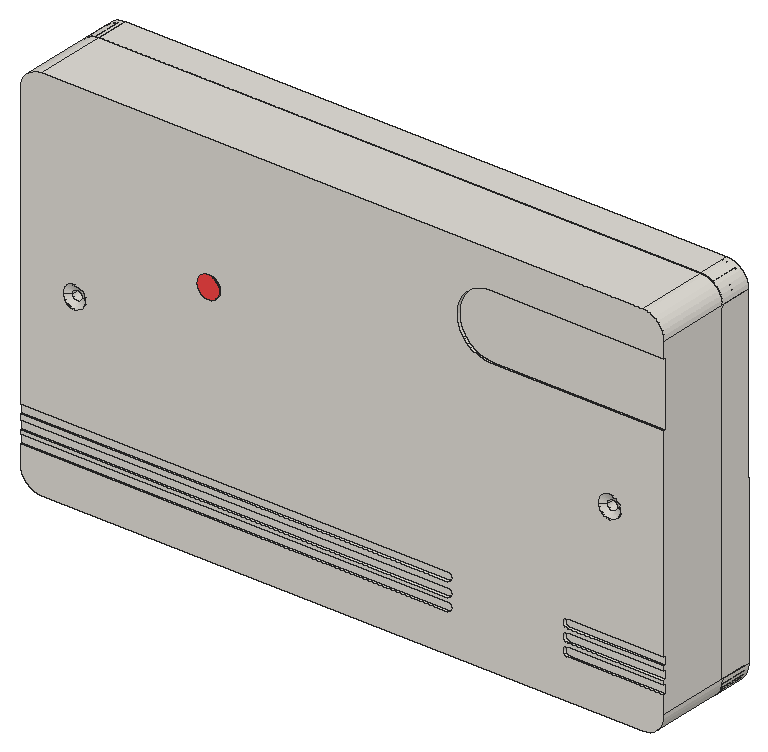
Revit family "TYCO-FPP-Zettler-SNM800 sounder notification module", category Electrical Fixtures, Revit 2014
Parameters (values of type "TYCO-FPP-Zettler-SNM800 sounder notification module")
  rs2 = RS(2)
  Wire Size (maximum) = "2.5sq. mm"
  Width = 84 mm  # constant formula
  URL = "https://www.tycosafetyproducts-anz.com/public/Datasheet/SNM800dat1506.pdf"
  Type Comments = "The SNM800 can be\r\nconfigured with a RIM800 to provide a secure monitored\r\nextinguishing release solenoid control."
  Storage Temperature = "–40°C to +80°C"
  ST = STT
  Relative Humidity = "10% to 95%"
  Rear Cover = yes
  RS1 = RS(11)
  RS = RS
  Quiescent Current = "450μA"
  PCB = PCB
  Output Current EOL = "27k Ohm 0.5W"
  Output Current = "2A"
  Operated Current = "3mA"
  Model = "Zettler-577.800.005"
  Max. SNM800 per Loop = "200/250"
  Manufacturer = "Tyco"
  Loop Voltage = "20V to 40Vdc"
  Length = 61 mm  # constant formula
  Keynote = "Addressable switched output with supervised\r\noutput wiring"
  Front Cover = yes
  External Supply = "18 to 28.7Vdc"
  Description = "The SNM800 is a remote addressable sounder circuit\r\noutput device capable of switching sounder and speaker\r\ncircuits up to 2A @ 24V d.c."
  Ambient Temperature = "–25°C to +70°C"
Reference planes
  plane 1 "Center (Front/Back)": y = 0
  plane 2: z = 0
  plane 3 "Center (Left/Right)": x = 0
  plane 4: x = -42
  plane 5: x = 42
  plane 6: z = 30.5
  plane 7: z = -30.5
Forms (mm)
  Extrusion 1, solid, material "PCB" <- "PCB", detail levels fine
    sketch origin (0, 0, 0) x (1, 0, 0) y (0, 0, 1)
      loop
        line (-42, 30.5) -> (-42, -30.5) -> (42, -30.5) -> (42, 30.5) -> (-42, 30.5)
      loop
        circle (-27.105, 14.071) r 2.5
      loop
        circle (-27.105, -14.071) r 2.5
      loop
        circle (27.105, 14.071) r 2.5
      loop
        circle (27.105, -14.071) r 2.5
      loop
        circle (39.176, 27.122) r 0.95
      loop
        circle (39.176, -27.122) r 0.95
      loop
        circle (-39.176, 27.122) r 0.95
      loop
        circle (-39.176, -27.122) r 0.95
    from 0 to -0.343
  Extrusion 2, solid, material "STT" <- "ST", detail levels fine
    sketch origin (-42, 47.974, 1219.2) x (0, 1, 0) y (0, 0, 1)
      loop
        line (-47.974, -1188.7) -> (-50.068, -1188.7) -> (-52.908, -1191.169) -> (-52.908, -1196.54) -> (-50.749, -1198.7) -> (-47.974, -1198.7) -> (-47.974, -1188.7)
    from 12.585 to 72.382
  Extrusion 3, solid, material "STT(1)", detail levels fine
    sketch origin (-42, -2.094, 30.5) x (0, 1, 0) y (-1, 0, 0)
      loop
        line (-0.226, -71.093) -> (-0.226, -68.378) -> (-2.371, -68.378) -> (-2.371, -71.093) -> (-0.226, -71.093)
      loop
        line (-0.226, -67.325) -> (-0.226, -64.61) -> (-2.371, -64.61) -> (-2.371, -67.325) -> (-0.226, -67.325)
      loop
        line (-0.226, -63.947) -> (-0.226, -61.231) -> (-2.371, -61.231) -> (-2.371, -63.947) -> (-0.226, -63.947)
      loop
        line (-0.226, -60.179) -> (-0.226, -57.463) -> (-2.371, -57.463) -> (-2.371, -60.179) -> (-0.226, -60.179)
      loop
        line (-0.226, -56.411) -> (-0.226, -53.696) -> (-2.371, -53.696) -> (-2.371, -56.411) -> (-0.226, -56.411)
      loop
        line (-0.226, -53.032) -> (-0.226, -50.317) -> (-2.371, -50.317) -> (-2.371, -53.032) -> (-0.226, -53.032)
      loop
        line (-0.226, -49.577) -> (-0.226, -46.861) -> (-2.371, -46.861) -> (-2.371, -49.577) -> (-0.226, -49.577)
      loop
        line (-0.226, -46.121) -> (-0.226, -43.406) -> (-2.371, -43.406) -> (-2.371, -46.121) -> (-0.226, -46.121)
      loop
        line (-0.226, -12.907) -> (-2.371, -12.907) -> (-2.371, -15.622) -> (-0.226, -15.622) -> (-0.226, -12.907)
      loop
        line (-0.226, -16.675) -> (-2.371, -16.675) -> (-2.371, -19.39) -> (-0.226, -19.39) -> (-0.226, -16.675)
      loop
        line (-0.226, -20.053) -> (-2.371, -20.053) -> (-2.371, -22.769) -> (-0.226, -22.769) -> (-0.226, -20.053)
      loop
        line (-0.226, -23.821) -> (-2.371, -23.821) -> (-2.371, -26.537) -> (-0.226, -26.537) -> (-0.226, -23.821)
      loop
        line (-0.226, -27.589) -> (-2.371, -27.589) -> (-2.371, -30.304) -> (-0.226, -30.304) -> (-0.226, -27.589)
      loop
        line (-0.226, -30.968) -> (-2.371, -30.968) -> (-2.371, -33.683) -> (-0.226, -33.683) -> (-0.226, -30.968)
      loop
        line (-0.226, -34.423) -> (-2.371, -34.423) -> (-2.371, -37.139) -> (-0.226, -37.139) -> (-0.226, -34.423)
      loop
        line (-0.226, -37.879) -> (-2.371, -37.879) -> (-2.371, -40.594) -> (-0.226, -40.594) -> (-0.226, -37.879)
    from -2.469 to -0.432
  Extrusion 4, solid, material "STT(1)", detail levels fine
    sketch origin (-42, -2.775, 20.5) x (0, -0.707107, 0.707107) y (-1, 0, 0)
      loop
        circle (1.544, -14.099) r 1.217
      loop
        circle (1.544, -17.954) r 1.217
      loop
        circle (1.544, -21.387) r 1.217
      loop
        circle (1.544, -25.19) r 1.217
      loop
        circle (1.544, -28.623) r 1.217
      loop
        circle (1.544, -32.462) r 1.217
      loop
        circle (1.544, -35.895) r 1.217
      loop
        circle (1.544, -39.237) r 1.217
      loop
        circle (1.544, -69.901) r 1.217
      loop
        circle (1.544, -66.046) r 1.217
      loop
        circle (1.544, -62.613) r 1.217
      loop
        circle (1.544, -58.81) r 1.217
      loop
        circle (1.544, -55.377) r 1.217
      loop
        circle (1.544, -51.538) r 1.217
      loop
        circle (1.544, -48.105) r 1.217
      loop
        circle (1.544, -44.763) r 1.217
    from -0.313 to 0.216
  Extrusion 5, solid, material "RS" <- "RS", detail levels fine
    sketch origin (0, 0, 0) x (1, 0, 0) y (0, 0, 1)
      loop
        line (-3.73, 19.435) -> (-3.73, 4.435) -> (4.59, 4.435) -> (4.59, 19.435) -> (-3.73, 19.435)
    from 0 to 2.32
  Extrusion 6, solid, material "RS(11)" <- "RS1", detail levels fine
    sketch origin (0, 0, 0) x (1, 0, 0) y (0, 0, 1)
      loop
        circle (-7.319, 16.747) r 2
      loop
        circle (7.319, 16.747) r 2
    from 0 to 4.934
  Extrusion 7, solid, material "STT" <- "ST", detail levels fine
    sketch origin (0, 0, 0) x (1, 0, 0) y (0, 0, 1)
      loop
        circle (4.688, 1.375) r 1.277
      loop
        circle (8.99, 10.617) r 1.277
    from 0 to 3.616
  Extrusion 8, solid, material "RS(2)" <- "rs2", detail levels fine
    sketch origin (0, 0, 0) x (1, 0, 0) y (0, 0, 1)
      loop
        circle (0, -25.087) r 1.8
    from 0 to 3.616
Cuts and joins
  joined: Extrusion 3, Extrusion 4
  joined: Extrusion 2, Extrusion 7
Lines and regions (mm)
  model lines, detail levels fine
    curve 1: line (-29.548, 0, -23.185) -> (-4.548, 0, -23.185)
    curve 2: line (-4.548, 0, -23.185) -> (-2.634, 0, -19.869)
    curve 3: line (-2.634, 0, -19.869) -> (21.198, 0, -19.869)
    curve 4: line (-29.548, 0, -22.585) -> (-4.548, 0, -22.585)
    curve 5: line (-4.548, 0, -22.585) -> (-2.98, 0, -19.269)
    curve 6: line (-2.98, 0, -19.269) -> (21.198, 0, -19.269)
    curve 7: line (-22.436, 0, -17.966) -> (-7.436, 0, -17.966)
    curve 8: line (-22.436, 0, -18.566) -> (-7.436, 0, -18.566)
    curve 9: line (-29.548, 0, -8.987) -> (-22.874, 0, -8.987)
    curve 10: line (-22.874, 0, -8.987) -> (-19.338, 0, -12.522)
    curve 11: line (-19.338, 0, -12.522) -> (-4.548, 0, -12.522)
    curve 12: line (-0.672, 0, -12.522) -> (10.96, 0, -12.522)
    curve 13: line (10.96, 0, -12.522) -> (13.521, 0, -8.687)
    curve 14: line (13.521, 0, -8.687) -> (22.327, 0, -8.687)
    curve 15: line (-29.548, 0, -8.387) -> (-22.874, 0, -8.387)
    curve 16: line (-22.874, 0, -8.387) -> (-18.914, 0, -12.098)
    curve 17: line (-18.914, 0, -12.098) -> (-4.548, 0, -12.098)
    curve 18: line (-0.672, 0, -13.122) -> (11.279, 0, -13.122)
    curve 19: line (11.279, 0, -13.122) -> (13.84, 0, -9.287)
    curve 20: line (13.84, 0, -9.287) -> (22.327, 0, -9.287)
    curve 21: line (7.704, 0, -4.059) -> (32.704, 0, -4.059)
    curve 22: line (32.704, 0, -4.059) -> (32.704, 0, -9.287)
    curve 23: line (7.704, 0, -3.459) -> (33.304, 0, -3.459)
    curve 24: line (32.704, 0, -4.059) -> (32.704, 0, -9.287)
    curve 25: line (33.304, 0, -3.459) -> (33.304, 0, -9.287)
    curve 26: line (-33.643, 0, -5.958) -> (-7.424, 0, -5.958)
    curve 27: line (-33.643, 0, -5.36) -> (-7.443, 0, -5.36)
    curve 28: line (-34.865, 0, 2.852) -> (-26.681, 0, 2.852)
    curve 29: line (-26.681, 0, 2.852) -> (-24.813, 0, 4.72)
    curve 30: line (-24.813, 0, 4.72) -> (-7.436, 0, 4.72)
    curve 31: line (-34.865, 0, 3.452) -> (-26.681, 0, 3.452)
    curve 32: line (-26.681, 0, 3.452) -> (-25.237, 0, 5.144)
    curve 33: line (-25.237, 0, 5.144) -> (-7.436, 0, 5.144)
    curve 34: line (12.23, 0, -1.636) -> (34.307, 0, -1.636)
    curve 35: line (34.307, 0, -1.636) -> (35.943, 0, 0)
    curve 36: line (12.23, 0, -1.036) -> (34.307, 0, -1.036)
    curve 37: line (34.307, 0, -1.036) -> (35.519, 0, 0.424)
    curve 38: line (-34.865, 0, 3.452) -> (-36.083, 0, 3.452)
    curve 39: line (-34.865, 0, 2.599) -> (-34.865, 0, 3.452)
    curve 40: line (-36.083, 0, 2.599) -> (-34.865, 0, 2.599)
    curve 41: line (-36.083, 0, 3.452) -> (-36.083, 0, 2.599)
    curve 42: line (-7.436, 0, 4.72) -> (-6.046, 0, 4.72)
    curve 43: line (-7.436, 0, 5.684) -> (-7.436, 0, 4.72)
    curve 44: line (-6.046, 0, 5.684) -> (-7.436, 0, 5.684)
    curve 45: line (-6.046, 0, 4.72) -> (-6.046, 0, 5.684)
    curve 46: line (-33.643, 0, -5.958) -> (-34.865, 0, -5.958)
    curve 47: line (-33.643, 0, -4.749) -> (-33.643, 0, -5.958)
    curve 48: line (-34.865, 0, -4.749) -> (-33.643, 0, -4.749)
    curve 49: line (-34.865, 0, -5.958) -> (-34.865, 0, -4.749)
    curve 50: circle (-6.635, 0, -5.633) r 0.853 normal (0, -1, 0)
    curve 51: line (-29.548, 0, -8.987) -> (-30.698, 0, -8.987)
    curve 52: line (-29.548, 0, -7.783) -> (-29.548, 0, -8.987)
    curve 53: line (-30.698, 0, -7.783) -> (-29.548, 0, -7.783)
    curve 54: line (-30.698, 0, -8.987) -> (-30.698, 0, -7.783)
    curve 55: line (-4.548, 0, -12.522) -> (-2.809, 0, -12.522)
    curve 56: line (-4.548, 0, -11.455) -> (-4.548, 0, -12.522)
    curve 57: line (-2.809, 0, -11.455) -> (-4.548, 0, -11.455)
    curve 58: line (-2.809, 0, -12.522) -> (-2.809, 0, -11.455)
    curve 59: line (-7.436, 0, -18.264) -> (-5.761, 0, -18.264)
    curve 60: line (-7.436, 0, -19.269) -> (-7.436, 0, -18.264)
    curve 61: line (-5.761, 0, -19.269) -> (-7.436, 0, -19.269)
    curve 62: line (-5.761, 0, -18.264) -> (-5.761, 0, -19.269)
    curve 63: line (35.943, 0, 0) -> (37.255, 0, 0)
    curve 64: line (35.943, 0, 1.312) -> (35.943, 0, 0)
    curve 65: line (37.255, 0, 1.312) -> (35.943, 0, 1.312)
    curve 66: line (37.255, 0, 0) -> (37.255, 0, 1.312)
    curve 67: line (32.704, 0, -9.287) -> (34.01, 0, -9.287)
    curve 68: line (32.704, 0, -11.455) -> (32.704, 0, -9.287)
    curve 69: line (34.01, 0, -11.455) -> (32.704, 0, -11.455)
    curve 70: line (34.01, 0, -9.287) -> (34.01, 0, -11.455)
    curve 71: line (22.327, 0, -9.287) -> (24.079, 0, -9.287)
    curve 72: line (22.327, 0, -8.044) -> (22.327, 0, -9.287)
    curve 73: line (24.079, 0, -8.044) -> (22.327, 0, -8.044)
    curve 74: line (24.079, 0, -9.287) -> (24.079, 0, -8.044)
    curve 75: line (7.704, 0, -4.059) -> (5.645, 0, -4.059)
    curve 76: line (7.704, 0, -2.79) -> (7.704, 0, -4.059)
    curve 77: line (5.645, 0, -2.79) -> (7.704, 0, -2.79)
    curve 78: line (5.645, 0, -4.059) -> (5.645, 0, -2.79)
    curve 79: line (12.23, 0, -1.636) -> (11.172, 0, -1.636)
    curve 80: line (12.23, 0, 0) -> (12.23, 0, -1.636)
    curve 81: line (11.172, 0, 0) -> (12.23, 0, 0)
    curve 82: line (11.172, 0, -1.636) -> (11.172, 0, 0)
    curve 83: line (-29.548, 0, -22.585) -> (-31.417, 0, -22.585)
    curve 84: line (-29.548, 0, -24.234) -> (-29.548, 0, -22.585)
    curve 85: line (-31.417, 0, -24.234) -> (-29.548, 0, -24.234)
    curve 86: line (-31.417, 0, -22.585) -> (-31.417, 0, -24.234)
    curve 87: line (21.198, 0, -19.869) -> (22.327, 0, -19.869)
    curve 88: line (21.198, 0, -18.566) -> (21.198, 0, -19.869)
    curve 89: line (22.327, 0, -18.566) -> (21.198, 0, -18.566)
    curve 90: line (22.327, 0, -19.869) -> (22.327, 0, -18.566)
    curve 91: line (-22.436, 0, -18.566) -> (-23.415, 0, -18.566)
    curve 92: line (-22.436, 0, -17.27) -> (-22.436, 0, -18.566)
    curve 93: line (-23.415, 0, -17.27) -> (-22.436, 0, -17.27)
    curve 94: line (-23.415, 0, -18.566) -> (-23.415, 0, -17.27)
  model lines, detail levels coarse+medium
    curve 95: line (-42, 0, 30.5) -> (42, 0, 30.5)
    curve 96: line (-42, 0, -30.5) -> (-42, 0, 30.5)
    curve 97: line (42, 0, -30.5) -> (-42, 0, -30.5)
    curve 98: line (42, 0, 30.5) -> (42, 0, -30.5)
Dimensions and locks
  equal spacing: plane 4, plane 3 "Center (Left/Right)", plane 5
  "Width": plane 4 to plane 5
  equal spacing: plane 6, plane 2, plane 7
  "Length": plane 6 to plane 7
  aligned and locked: level to plane 2
  aligned and locked: Extrusion 1 sketch curve to plane 6
  aligned and locked: plane 4 to Extrusion 1 sketch curve
  aligned and locked: Extrusion 1 sketch curve to plane 7
  aligned and locked: plane 5 to Extrusion 1 sketch curve
  aligned and locked: plane 1 "Center (Front/Back)" to Extrusion 1
  aligned and locked: Extrusion 5 to plane 1 "Center (Front/Back)"
  aligned and locked: Extrusion 6 to plane 1 "Center (Front/Back)"
  aligned and locked: Extrusion 7 to plane 1 "Center (Front/Back)"
  aligned and locked: Extrusion 8 to plane 1 "Center (Front/Back)"
  aligned and locked: curve 95 to plane 6
  aligned and locked: plane 5 to curve 98
  aligned and locked: curve 97 to plane 7
  aligned and locked: plane 4 to curve 96
  aligned and locked: plane 3 "Center (Left/Right)" to nested 1
  aligned and locked: nested 1 to Extrusion 1
  aligned and locked: plane 2 to nested 1
  aligned and locked: plane 3 "Center (Left/Right)" to nested 2
  aligned and locked: nested 2 to nested 1
  aligned and locked: plane 2 to nested 2
Automatic sketch dimensions
  plane 4 to Extrusion 1 sketch curve = 2.824 mm  (x2)
  plane 4 to Extrusion 1 sketch curve = 14.895 mm  (x2)
  plane 5 to Extrusion 1 sketch curve = 14.895 mm  (x2)
  plane 5 to Extrusion 1 sketch curve = 2.824 mm  (x2)
  Extrusion 1 sketch curve to plane 7 = 3.378 mm  (x2)
  Extrusion 1 sketch curve to level = 14.071 mm  (x2)
  level to Extrusion 1 sketch curve = 14.071 mm  (x2)
  Extrusion 1 sketch curve to plane 6 = 3.378 mm  (x2)
  Extrusion 2 sketch curve to plane 6 = 0 mm
  Extrusion 2 sketch curve to plane 1 "Center (Front/Back)" = 0 mm
  Extrusion 2 sketch curve to Extrusion 2 sketch curve = 2.094 mm
  Extrusion 2 sketch curve to Extrusion 2 sketch curve = 2.775 mm
  Extrusion 2 sketch curve to Extrusion 2 sketch curve = 2.16 mm  (x2)
  Extrusion 2 sketch curve to plane 6 = 7.84 mm
  Extrusion 2 sketch curve to plane 6 = 2.469 mm
  Extrusion 2 to Extrusion 3 sketch curve = 2.371 mm  (x2)
  Extrusion 3 sketch curve to Extrusion 3 sketch curve = 0 mm  (x14)
  Extrusion 2 to Extrusion 3 sketch curve = 0.226 mm  (x16)
  Extrusion 2 to Extrusion 3 sketch curve = 1.289 mm
  Extrusion 3 sketch curve to Extrusion 3 sketch curve = 2.715 mm  (x15)
  Extrusion 3 sketch curve to Extrusion 3 sketch curve = 1.052 mm  (x6)
  Extrusion 3 sketch curve to Extrusion 3 sketch curve = 0.664 mm  (x4)
  Extrusion 3 sketch curve to Extrusion 3 sketch curve = 0.74 mm  (x4)
  Extrusion 3 sketch curve to Extrusion 3 sketch curve = 2.812 mm
  Extrusion 2 to Extrusion 3 sketch curve = 0.322 mm
  Extrusion 2 to Extrusion 4 sketch curve = 1.51 mm  (x16)
  Extrusion 2 to Extrusion 4 sketch curve = 2.481 mm
  Extrusion 4 sketch curve to Extrusion 4 sketch curve = 3.856 mm
  Extrusion 4 sketch curve to Extrusion 4 sketch curve = 3.433 mm  (x6)
  Extrusion 4 sketch curve to Extrusion 4 sketch curve = 3.803 mm  (x2)
  Extrusion 4 sketch curve to Extrusion 4 sketch curve = 3.839 mm  (x2)
  Extrusion 4 sketch curve to Extrusion 4 sketch curve = 3.342 mm  (x2)
  Extrusion 4 sketch curve to Extrusion 4 sketch curve = 5.526 mm
  Extrusion 2 to Extrusion 4 sketch curve = 1.514 mm
  Extrusion 5 sketch curve to plane 3 "Center (Left/Right)" = 3.73 mm
  plane 3 "Center (Left/Right)" to Extrusion 5 sketch curve = 4.59 mm
  level to Extrusion 5 sketch curve = 4.435 mm
  Extrusion 5 sketch curve to plane 6 = 11.065 mm
  Extrusion 6 sketch curve to plane 3 "Center (Left/Right)" = 7.319 mm
  plane 3 "Center (Left/Right)" to Extrusion 6 sketch curve = 7.319 mm
  Extrusion 6 sketch curve to plane 6 = 13.753 mm  (x2)
  level to Extrusion 7 sketch curve = 1.375 mm
  plane 3 "Center (Left/Right)" to Extrusion 7 sketch curve = 4.688 mm
  level to Extrusion 7 sketch curve = 10.617 mm
  Extrusion 7 sketch curve to Extrusion 7 sketch curve = 4.302 mm
  curve 41 to Extrusion 1 = 5.917 mm
  curve 40 to curve 39 = 1.218 mm
  curve 48 to Extrusion 1 = 7.135 mm
  curve 48 to curve 48 = 1.221 mm
  curve 86 to Extrusion 1 = 10.583 mm
  curve 26 to curve 51 = 2.946 mm
  curve 53 to curve 53 = 1.149 mm
  curve 83 to curve 83 = 1.869 mm
  curve 28 to curve 28 = 8.183 mm
  curve 32 to curve 28 = 0 mm
  curve 31 to curve 32 = 1.444 mm
  curve 32 to curve 29 = 0.424 mm
  curve 4 to curve 94 = 6.133 mm
  curve 15 to curve 16 = 6.674 mm
  curve 15 to curve 10 = 0 mm
  curve 93 to curve 92 = 0.979 mm
  curve 9 to curve 10 = 3.536 mm
  curve 10 to curve 16 = 0.424 mm
  curve 16 to curve 61 = 11.478 mm
  curve 29 to curve 42 = 17.377 mm
  curve 30 to curve 50 = 0.801 mm
  curve 43 to curve 45 = 1.391 mm
  curve 60 to curve 62 = 1.675 mm
  curve 61 to curve 1 = 1.212 mm
  curve 59 to curve 56 = 1.212 mm
  curve 4 to curve 1 = 0 mm
  curve 61 to curve 6 = 2.781 mm
  curve 11 to curve 58 = 1.74 mm
  curve 5 to curve 3 = 0.346 mm
  curve 57 to curve 78 = 8.454 mm
  curve 75 to curve 76 = 2.059 mm
  curve 21 to curve 13 = 3.256 mm
  curve 76 to curve 82 = 3.468 mm
  curve 12 to curve 18 = 0.319 mm
  curve 79 to curve 79 = 1.058 mm
  curve 12 to curve 13 = 2.561 mm
  curve 13 to curve 20 = 0.319 mm
  curve 18 to curve 89 = 9.918 mm
  curve 19 to curve 20 = 8.487 mm
  curve 88 to curve 89 = 1.13 mm
  curve 20 to curve 74 = 1.752 mm
  curve 71 to curve 67 = 8.625 mm
  curve 21 to curve 25 = 0.6 mm
  curve 68 to curve 69 = 1.305 mm
  curve 23 to curve 37 = 1.003 mm
  curve 36 to curve 35 = 0 mm
  curve 36 to curve 63 = 1.636 mm
  curve 35 to curve 66 = 1.312 mm
  curve 85 to Extrusion 1 = 6.266 mm
  curve 2 to Extrusion 1 = 7.315 mm
  curve 1 to curve 5 = 0.6 mm
  curve 4 to curve 2 = 2.716 mm
  curve 2 to curve 62 = 0.6 mm
  curve 2 to curve 6 = 0.6 mm
  curve 87 to curve 89 = 1.302 mm
  curve 61 to curve 59 = 1.005 mm
  curve 91 to curve 93 = 1.296 mm
  curve 88 to curve 19 = 5.444 mm
  curve 18 to curve 56 = 0.6 mm
  curve 18 to curve 13 = 0.6 mm
  curve 10 to curve 17 = 0.424 mm
  curve 89 to curve 69 = 7.111 mm
  curve 17 to curve 57 = 0.643 mm
  curve 89 to curve 20 = 9.28 mm
  curve 69 to curve 70 = 2.169 mm
  curve 93 to curve 51 = 8.284 mm
  curve 19 to curve 13 = 0.6 mm
  curve 9 to curve 15 = 0.6 mm
  curve 71 to curve 73 = 1.243 mm
  curve 15 to curve 53 = 0.603 mm
  curve 53 to curve 47 = 1.826 mm
  curve 26 to curve 50 = 0.324 mm
  curve 26 to curve 47 = 1.209 mm
  curve 13 to curve 21 = 4.628 mm
  curve 21 to curve 23 = 0.6 mm
  curve 75 to curve 77 = 1.269 mm
  curve 76 to curve 82 = 1.154 mm
  curve 34 to curve 36 = 0.6 mm
  curve 36 to curve 35 = 1.036 mm
  curve 36 to curve 80 = 1.036 mm
  curve 63 to curve 65 = 1.312 mm
  curve 48 to curve 39 = 7.348 mm
  curve 39 to curve 29 = 0.253 mm
  curve 40 to curve 41 = 0.853 mm
  curve 50 to curve 30 = 10.353 mm
  curve 29 to curve 33 = 0.424 mm
  curve 33 to curve 44 = 0.54 mm
  curve 27 to curve 50 = 0.808 mm
  curve 7 to curve 59 = 0 mm
  curve 27 to curve 26 = 0.019 mm
  curve 55 to curve 12 = 2.137 mm
  curve 12 to curve 18 = 0 mm
  curve 37 to curve 35 = 0.424 mm
  curve 8 to curve 59 = 0.303 mm
  curve 59 to curve 7 = 0.297 mm
  curve 35 to curve 37 = 0.424 mm
  Extrusion 8 sketch curve to plane 3 "Center (Left/Right)" = 0 mm
  Extrusion 8 sketch curve to plane 7 = 5.413 mm
  radius of Extrusion 1 sketch curve = 2.5 mm  (x4)
  radius of Extrusion 1 sketch curve = 0.95 mm  (x4)
  radius of Extrusion 4 sketch curve = 1.217 mm  (x16)
  radius of Extrusion 6 sketch curve = 2 mm  (x2)
  radius of Extrusion 7 sketch curve = 1.277 mm  (x2)
  radius of Extrusion 8 sketch curve = 1.8 mm
Nested families
  nested 1: "517.035.007" at (0, 0.343, 0), visible <- "Front Cover", type "517.035.007 cover"
    with Front Cover yes
  nested 2: "517.035.010 rear cover" at (0, -6.021, -7.5), visible <- "Rear Cover", type "517.035.010 back box"
    with Rear cover yes
Connectors
  electrical at (0, 0.343, 0)
    settings: on Extrusion 1, index 1, voltage 24 V, apparent load 0 VA, apparent load phase1 0 VA, apparent load phase2 0 VA, apparent load phase3 0 VA, power factor 1, load classification "Other", number of poles 1, system type 31, power factor state 1, is connector primary yes, connector utility no, sub classification motor no, connector description ""
Definition of nested family "517.035.007"
  Parameters (values of type "517.035.007 cover")
    X = 2 mm
    W = 148 mm
    Type Comments = "M520 Ancillary cover for use with 800 series modules.\r\nWill fit onto a MK style double gang back box."
    Model = "517.035.007"
    Material = Cover
    Manufacturer = "Tyco"
    L = 87 mm
    Front Cover [instance] = yes
    Description = "M520 Ancillary Cover"
    D = 23 mm
  Reference planes
    plane 1 "Center (Front/Back)": y = 0
    plane 2: z = 0
    plane 3 "Center (Left/Right)": x = 0
    plane 4: x = -74
    plane 5: x = 74
    plane 6: x = 61.5
    plane 7: z = 43.5
    plane 8: z = -43.5
    plane 9: y = -23
  Forms (mm)
    Extrusion 1, solid, material "Cover" <- "Material", visible <- "Front Cover", detail levels fine
      sketch origin (0, -23.027, 0) x (1, 0, 0) y (0, 0, 1)
        loop
          arc (-69, 43.5) -> (-72.536, 42.036) -> (-74, 38.5) r 5
          line (-74, 38.5) -> (-74, -38.5)
          arc (-74, -38.5) -> (-72.536, -42.036) -> (-69, -43.5) r 5
          line (-69, -43.5) -> (69, -43.5)
          arc (69, -43.5) -> (72.536, -42.036) -> (74, -38.5) r 5
          line (74, -38.5) -> (74, 38.5)
          arc (74, 38.5) -> (72.536, 42.036) -> (69, 43.5) r 5
          line (69, 43.5) -> (-69, 43.5)
      from -23 to 0
    Extrusion 2, void
      sketch origin (0, -23.027, 0) x (-1, 0, 0) y (0, 0, 1)
        loop
          line (74, -26.396) -> (-24.324, -26.396)
          arc (-24.324, -26.396) -> (-25.324, -27.396) -> (-24.324, -28.396) r 1
          line (-24.324, -28.396) -> (74, -28.396) -> (74, -26.396)
        loop
          line (74, -29.671) -> (-24.324, -29.671)
          arc (-24.324, -29.671) -> (-25.324, -30.671) -> (-24.324, -31.671) r 1
          line (-24.324, -31.671) -> (74, -31.671) -> (74, -29.671)
        loop
          line (74, -32.583) -> (-24.324, -32.583)
          arc (-24.324, -32.583) -> (-25.324, -33.583) -> (-24.324, -34.583) r 1
          line (-24.324, -34.583) -> (74, -34.583) -> (74, -32.583)
        loop
          line (-51.834, -26.396) -> (-74, -26.396) -> (-74, -28.396) -> (-51.834, -28.396)
          arc (-51.834, -28.396) -> (-50.834, -27.396) -> (-51.834, -26.396) r 1
        loop
          line (-51.834, -29.305) -> (-74, -29.305) -> (-74, -31.305) -> (-51.834, -31.305)
          arc (-51.834, -31.305) -> (-50.834, -30.305) -> (-51.834, -29.305) r 1
        loop
          line (-51.834, -32.254) -> (-74, -32.254) -> (-74, -34.254) -> (-51.834, -34.254)
          arc (-51.834, -34.254) -> (-50.834, -33.254) -> (-51.834, -32.254) r 1
        loop
          line (-74, 34.995) -> (-74, 19.995) -> (-34, 19.995)
          arc (-34, 19.995) -> (-26.5, 27.495) -> (-34, 34.995) r 7.5
          line (-34, 34.995) -> (-74, 34.995)
      from 0 to 0.563
    Revolve 3, void
      sketch origin (0, -23.027, 0) x (0, -1, 0) y (1, 0, 0)
        loop
          line (-3.575, 61.5) -> (0, 61.5) -> (0, 64.045) -> (-0.836, 62.678) -> (-3.575, 62.678) -> (-3.575, 61.5)
        axis (-3.575, 61.5) -> (0, 61.5)
      angle from 0 to 360
    Extrusion 4, solid, material "LED RED", detail levels fine
      sketch origin (0, -23.027, 0) x (1, 0, 0) y (0, 0, 1)
        loop
          circle (-30.624, 12.978) r 2.558
      from -1.293 to 0.174
    Extrusion 5, void
      sketch origin (-94.576, -0.027, -4572) x (1, 0, 0) y (0, 0, -1)
        loop
          line (26.703, -4612.567) -> (162.316, -4612.567)
          arc (162.316, -4612.567) -> (164.664, -4611.594) -> (165.637, -4609.246) r 3.321
          line (165.637, -4609.246) -> (165.637, -4534.612)
          arc (165.637, -4534.612) -> (164.589, -4532.082) -> (162.058, -4531.033) r 3.578
          line (162.058, -4531.033) -> (27.05, -4531.033)
          arc (27.05, -4531.033) -> (24.499, -4532.09) -> (23.442, -4534.641) r 3.608
          line (23.442, -4534.641) -> (23.442, -4609.306)
          arc (23.442, -4609.306) -> (24.397, -4611.612) -> (26.703, -4612.567) r 3.261
      from 0 to -19.425
    Revolve 6, void
      sketch origin (0, -23.027, 0) x (0, 1, 0) y (-1, 0, 0)
        loop
          line (3.575, 61.5) -> (3.575, 62.678) -> (0.836, 62.678) -> (0, 64.045) -> (0, 61.5) -> (3.575, 61.5)
        axis (3.575, 61.5) -> (0, 61.5)
      angle from 0 to 360
  Cuts and joins
    Extrusion 2, Revolve 3, Extrusion 5, Revolve 6 cuts Extrusion 1
  Dimensions and locks
    equal spacing: plane 4, plane 3 "Center (Left/Right)", plane 5
    "W": plane 4 to plane 5
    locked: plane 5 to plane 6 at 12.5
    equal spacing: plane 7, level, plane 8
    "L": plane 7 to plane 8
    "D": plane 9 to plane 1 "Center (Front/Back)"
    aligned and locked: plane 2 to level
    aligned and locked: Extrusion 1 to Extrusion 5
    aligned and locked: Extrusion 1 sketch curve to plane 7
    aligned and locked: plane 4 to Extrusion 1 sketch curve
    aligned and locked: Extrusion 1 sketch curve to plane 8
    aligned and locked: Extrusion 1 to Extrusion 2
  Automatic sketch dimensions
    plane 5 to Extrusion 1 sketch curve = 0 mm
    plane 4 to Extrusion 1 sketch curve = 5 mm  (x2)
    plane 5 to Extrusion 1 sketch curve = 5 mm
    Extrusion 1 sketch curve to Extrusion 1 sketch curve = 5 mm
    plane 5 to Extrusion 2 sketch curve = 0 mm  (x4)
    Extrusion 2 sketch curve to plane 4 = 0 mm  (x3)
    Extrusion 2 sketch curve to plane 6 = 9.666 mm
    Extrusion 2 sketch curve to Extrusion 2 sketch curve = 0 mm  (x4)
    Extrusion 2 sketch curve to plane 6 = 27.5 mm
    Extrusion 2 sketch curve to plane 8 = 9.917 mm
    plane 3 "Center (Left/Right)" to Extrusion 2 sketch curve = 24.324 mm
    Extrusion 2 sketch curve to plane 8 = 9.246 mm
    Extrusion 2 sketch curve to plane 8 = 8.917 mm
    Extrusion 2 sketch curve to Extrusion 2 sketch curve = 1 mm  (x5)
    Extrusion 2 sketch curve to Extrusion 2 sketch curve = 0.912 mm
    Extrusion 2 sketch curve to Extrusion 2 sketch curve = 0.95 mm
    Extrusion 2 sketch curve to Extrusion 2 sketch curve = 0.908 mm
    Extrusion 2 sketch curve to Extrusion 2 sketch curve = 1.275 mm
    level to Extrusion 2 sketch curve = 19.995 mm
    Extrusion 2 sketch curve to Extrusion 2 sketch curve = 7.5 mm
    Revolve 3 sketch curve to plane 6 = 0 mm  (x2)
    plane 1 "Center (Front/Back)" to Revolve 3 sketch curve = 19.452 mm
    plane 6 to Revolve 3 sketch curve = 1.178 mm
    Revolve 3 sketch curve to Revolve 3 sketch curve = 2.739 mm
    plane 6 to Revolve 3 sketch curve = 2.545 mm
    Revolve 3 sketch curve to Revolve 3 sketch curve = 0.836 mm
    Revolve 3 sketch curve to Revolve 3 sketch curve = 0.558 mm
    Revolve 3 sketch curve to Revolve 3 sketch curve = 1.62 mm
    Extrusion 4 sketch curve to Extrusion 1 = 43.376 mm
    Extrusion 4 sketch curve to Extrusion 1 = 30.522 mm
    plane 4 to Extrusion 5 sketch curve = 2.867 mm
    Extrusion 5 sketch curve to plane 7 = 2.933 mm
    Extrusion 5 sketch curve to Extrusion 5 sketch curve = 3.261 mm
    Extrusion 5 sketch curve to plane 8 = 2.533 mm
    Extrusion 5 sketch curve to Extrusion 5 sketch curve = 3.608 mm
    plane 6 to Extrusion 5 sketch curve = 5.983 mm
    plane 6 to Extrusion 5 sketch curve = 6.24 mm
    plane 5 to Extrusion 5 sketch curve = 2.939 mm
    plane 1 "Center (Front/Back)" to Revolve 6 sketch curve = 23.027 mm
    Revolve 6 sketch curve to Revolve 6 sketch curve = 0.836 mm
    Revolve 6 sketch curve to Revolve 6 sketch curve = 2.739 mm
    plane 4 to Revolve 6 sketch curve = 12.5 mm
    Revolve 6 sketch curve to Revolve 6 sketch curve = 1.178 mm
    Revolve 6 sketch curve to Revolve 6 sketch curve = 1.367 mm
    Revolve 6 sketch curve to Revolve 6 sketch curve = 1.62 mm
    Revolve 6 sketch curve to Revolve 6 sketch curve = 0.558 mm
    Revolve 6 sketch curve to Revolve 6 sketch curve = 0 mm
    radius of Extrusion 4 sketch curve = 2.558 mm
Definition of nested family "517.035.010 rear cover"
  Parameters (values of type "517.035.010 back box")
    W = 148 mm
    URL = "http://tfppemea.com/en/_layouts/fsassets/Docs/Detection_FireClass/UK%20FireClass%20CATALOGUE%20(LR).pdf"
    Type Comments = "K2142 White plastic surface mount MK backbox for use\r\nwith 800 Series addressable ancillaries using 517.035.007\r\ncover."
    Rear cover [instance] = yes
    Model = "517.035.010\r\n517.035.010"
    Manufacturer = "Tyco"
    L = 87 mm
    Finish = rear cover
    Description = "K2142 White Plastic Surface Mount MK\r\nbackbox"
  Reference planes
    plane 1 "Center (Front/Back)": y = 0
    plane 2: z = 0
    plane 3 "Center (Left/Right)": x = 0
    plane 4: x = -74
    plane 5: x = 74
    plane 6: z = 7.5
  Forms (mm)
    Extrusion 1, solid, material "rear cover" <- "Finish", visible <- "Rear cover", detail levels fine
      sketch origin (0, 7.5, 7.5) x (1, 0, 0) y (0, 0, 1)
        loop
          arc (-69, 43.5) -> (-72.536, 42.036) -> (-74, 38.5) r 5
          line (-74, 38.5) -> (-74, -38.5)
          arc (-74, -38.5) -> (-72.536, -42.036) -> (-69, -43.5) r 5
          line (-69, -43.5) -> (69, -43.5)
          arc (69, -43.5) -> (72.536, -42.036) -> (74, -38.5) r 5
          line (74, -38.5) -> (74, 38.5)
          arc (74, 38.5) -> (72.536, 42.036) -> (69, 43.5) r 5
          line (69, 43.5) -> (-69, 43.5)
      from 0 to 7.5
    Extrusion 2, void
      sketch origin (0, 0, 0) x (-1, 0, 0) y (0, 0, 1)
        loop
          line (71.151, 48.985) -> (-71.802, 48.985) -> (-71.802, -33.613) -> (71.151, -33.613) -> (71.151, 48.985)
        loop
          circle (-61, 7.5) r 1.229
        loop
          circle (-61, 7.5) r 2.2
        loop
          circle (61, 7.5) r 1.229
        loop
          circle (61, 7.5) r 2.2
      from 0 to 6.364
  Cuts and joins
    Extrusion 2 cuts Extrusion 1
  Dimensions and locks
    equal spacing: plane 4, plane 3 "Center (Left/Right)", plane 5
    "W": plane 4 to plane 5
    plane 6 to plane 2 = 7.5 mm
    aligned and locked: plane 2 to level
    aligned and locked: Extrusion 1 sketch curve to plane 4
    aligned and locked: Extrusion 1 sketch curve to plane 5
  Automatic sketch dimensions
    Extrusion 1 sketch curve to plane 4 = 5 mm
    Extrusion 1 sketch curve to Extrusion 1 sketch curve = 5 mm
    Extrusion 1 sketch curve to plane 5 = 5 mm  (x2)
    Extrusion 1 sketch curve to level = 36 mm
    plane 6 to Extrusion 1 sketch curve = 38.5 mm
    Extrusion 2 sketch curve to Extrusion 2 sketch curve = 0 mm  (x4)
    Extrusion 2 sketch curve to plane 6 = 0 mm  (x2)
    Extrusion 2 sketch curve to plane 5 = 2.198 mm
    Extrusion 2 sketch curve to plane 5 = 13 mm
    Extrusion 2 sketch curve to plane 4 = 13 mm
    Extrusion 2 sketch curve to plane 4 = 2.849 mm
    Extrusion 2 sketch curve to level = 33.613 mm
    plane 6 to Extrusion 2 sketch curve = 41.485 mm
    radius of Extrusion 2 sketch curve = 1.229 mm  (x2)
    radius of Extrusion 2 sketch curve = 2.2 mm  (x2)
